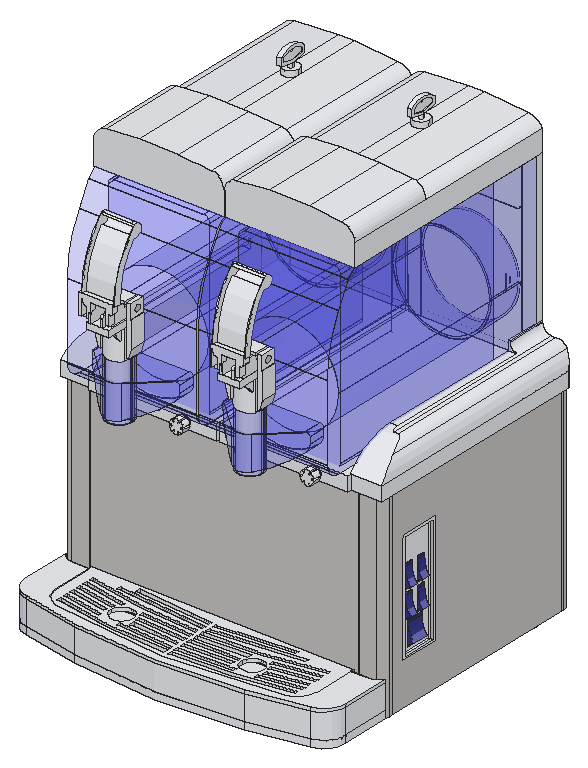
Revit family "QF_ELECTROLUXPROFESSIONAL_560100_SP2NewL", category Specialty Equipment, Revit 2018 (continued)
Lines and regions (mm)
  symbolic lines
    curve 12: line (2.783, -161.117, 14) -> (2.783, -167.117, 14)
    curve 13: line (2.783, -172.117, 14) -> (2.783, -178.117, 14)
    curve 14: line (2.783, -183.117, 14) -> (2.783, -189.117, 14)
    curve 15: line (2.783, -194.117, 14) -> (2.783, -200.117, 14)
    curve 16: line (2.783, -205.117, 14) -> (2.783, -211.117, 14)
    curve 17: arc (2.783, -211.117, 14) -> (35.925, -210.286, 14) -> (69, -208.033, 14) r 772.106
    curve 18: arc (164.485, -187.256, 14) -> (137.825, -192.623, 14) -> (110.991, -197.04, 14) r 766.106
    curve 19: arc (2.783, -200.117, 14) -> (35.926, -199.274, 14) -> (69, -196.988, 14) r 761.106
    curve 20: arc (69, -190.963, 14) -> (35.926, -193.267, 14) -> (2.783, -194.117, 14) r 755.106
    curve 21: arc (2.783, -189.117, 14) -> (35.228, -188.295, 14) -> (67.608, -186.069, 14) r 750.106
    curve 22: arc (62.063, -180.53, 14) -> (32.449, -182.414, 14) -> (2.783, -183.117, 14) r 744.106
    curve 23: arc (2.783, -178.117, 14) -> (30.123, -177.508, 14) -> (57.422, -175.888, 14) r 739.106
    curve 24: arc (51.822, -170.288, 14) -> (27.318, -171.613, 14) -> (2.783, -172.117, 14) r 733.106
    curve 25: arc (2.783, -167.117, 14) -> (24.968, -166.694, 14) -> (47.129, -165.595, 14) r 728.106
    curve 26: arc (41.464, -159.931, 14) -> (22.132, -160.783, 14) -> (2.783, -161.117, 14) r 722.106
    curve 27: arc (2.783, -156.117, 14) -> (19.755, -155.85, 14) -> (36.715, -155.182, 14) r 717.106
    curve 28: line (164.485, -193.398, 14) -> (164.485, -187.256, 14)
    curve 29: line (164.485, -182.136, 14) -> (164.485, -175.99, 14)
    curve 30: line (164.485, -170.866, 14) -> (164.485, -164.715, 14)
    curve 31: line (164.485, -159.587, 14) -> (164.485, -153.432, 14)
    curve 32: arc (164.485, -153.432, 14) -> (152.163, -156.157, 14) -> (139.797, -158.67, 14) r 733.106
    curve 33: arc (164.485, -164.715, 14) -> (145.534, -168.752, 14) -> (126.484, -172.294, 14) r 744.106
    curve 34: arc (164.485, -175.99, 14) -> (138.736, -181.268, 14) -> (112.82, -185.647, 14) r 755.106
    curve 35: arc (132.277, -166.189, 14) -> (148.418, -163.067, 14) -> (164.485, -159.587, 14) r 739.106
    curve 36: arc (118.814, -179.653, 14) -> (141.717, -175.613, 14) -> (164.485, -170.866, 14) r 750.106
    curve 37: arc (111, -191.985, 14) -> (137.83, -187.538, 14) -> (164.485, -182.136, 14) r 761.106
    curve 38: arc (69, -202.009, 14) -> (35.925, -204.28, 14) -> (2.783, -205.117, 14) r 766.106
    curve 39: arc (111.004, -203.101, 14) -> (137.83, -198.721, 14) -> (164.485, -193.398, 14) r 772.106
    curve 40: line (97.267, -160.486, 14) -> (97.267, -153, 14)
    curve 41: line (82.733, -160.486, 14) -> (82.733, -153, 14)
    curve 42: arc (105.17, -170.997, 14) -> (90.017, -158.677, 14) -> (74.837, -170.964, 14) r 15.5
    curve 43: line (-7, -121.793, 14) -> (9.534, -121.793, 14)
    curve 44: line (-7, -137.647, 14) -> (9.534, -137.647, 14)
    curve 45: line (2.783, -161.117, 14) -> (2.783, -113, 14)
    curve 46: line (-180.657, -118, 14) -> (-180.657, -174.118, 14)
    curve 47: arc (-180.657, -174.118, 14) -> (-173.912, -193.071, 14) -> (-156.71, -203.501, 14) r 30
    curve 48: line (-2.783, -161.117, 14) -> (-2.783, -167.117, 14)
    curve 49: line (-2.783, -172.117, 14) -> (-2.783, -178.117, 14)
    curve 50: line (-2.783, -183.117, 14) -> (-2.783, -189.117, 14)
    curve 51: line (-2.783, -194.117, 14) -> (-2.783, -200.117, 14)
    curve 52: line (-2.783, -205.117, 14) -> (-2.783, -211.117, 14)
    curve 53: arc (-2.783, -211.117, 14) -> (-35.925, -210.286, 14) -> (-69, -208.033, 14) r 772.106
    curve 54: arc (-164.485, -187.256, 14) -> (-137.825, -192.623, 14) -> (-110.991, -197.04, 14) r 766.106
    curve 55: arc (-2.783, -200.117, 14) -> (-35.926, -199.274, 14) -> (-69, -196.988, 14) r 761.106
    curve 56: arc (-69, -190.963, 14) -> (-35.926, -193.267, 14) -> (-2.783, -194.117, 14) r 755.106
    curve 57: arc (-2.783, -189.117, 14) -> (-35.307, -188.291, 14) -> (-67.764, -186.055, 14) r 750.106
    curve 58: arc (-62.01, -180.534, 14) -> (-32.422, -182.416, 14) -> (-2.783, -183.117, 14) r 744.106
    curve 59: arc (-2.783, -178.117, 14) -> (-30.21, -177.505, 14) -> (-57.595, -175.875, 14) r 739.106
    curve 60: arc (-51.822, -170.288, 14) -> (-27.318, -171.613, 14) -> (-2.783, -172.117, 14) r 733.106
    curve 61: arc (-2.783, -167.117, 14) -> (-24.922, -166.696, 14) -> (-47.037, -165.601, 14) r 728.106
    curve 62: arc (-41.44, -159.932, 14) -> (-22.12, -160.783, 14) -> (-2.783, -161.117, 14) r 722.106
    curve 63: arc (-2.783, -156.117, 14) -> (-19.759, -155.85, 14) -> (-36.723, -155.181, 14) r 717.106
    curve 64: line (-164.485, -193.398, 14) -> (-164.485, -187.256, 14)
    curve 65: line (-164.485, -182.136, 14) -> (-164.485, -175.99, 14)
    curve 66: line (-164.485, -170.866, 14) -> (-164.485, -164.715, 14)
    curve 67: line (-164.485, -159.587, 14) -> (-164.485, -153.432, 14)
    curve 68: arc (-164.485, -153.432, 14) -> (-152.209, -156.147, 14) -> (-139.888, -158.652, 14) r 733.106
    curve 69: arc (-164.485, -164.715, 14) -> (-145.359, -168.786, 14) -> (-126.134, -172.354, 14) r 744.106
    curve 70: arc (-164.485, -175.99, 14) -> (-138.838, -181.249, 14) -> (-113.024, -185.616, 14) r 755.106
    curve 71: arc (-132.258, -166.193, 14) -> (-148.408, -163.069, 14) -> (-164.485, -159.587, 14) r 739.106
    curve 72: arc (-118.936, -179.633, 14) -> (-141.778, -175.602, 14) -> (-164.485, -170.866, 14) r 750.106
    curve 73: arc (-111.098, -191.97, 14) -> (-137.879, -187.529, 14) -> (-164.485, -182.136, 14) r 761.106
    curve 74: arc (-69, -202.009, 14) -> (-35.925, -204.28, 14) -> (-2.783, -205.117, 14) r 766.106
    curve 75: arc (-111.004, -203.101, 14) -> (-137.83, -198.721, 14) -> (-164.485, -193.398, 14) r 772.106
    curve 76: line (-97.267, -160.486, 14) -> (-97.267, -153, 14)
    curve 77: line (-82.733, -160.486, 14) -> (-82.733, -153, 14)
    curve 78: arc (-105.172, -171.007, 14) -> (-90.045, -158.677, 14) -> (-74.846, -170.919, 14) r 15.5
    curve 79: line (-2.783, -161.117, 14) -> (-2.783, -113, 14)
    curve 80: arc (73.294, -216.009, 14) -> (0.004, -219.475, 14) -> (-73.287, -216.01, 14) r 776.665
    curve 81: arc (-111.031, -211.498, 14) -> (-133.93, -207.84, 14) -> (-156.71, -203.501, 14) r 776.665
Dimensions and locks
  plane 4 "FEET" to level = 14 mm
  plane 6 "LEFT" to plane 3 "Center (Left/Right)" to plane 7 "RIGHT" = 223.5 mm, 223.5 mm
  locked: plane 6 "LEFT" to plane 7 "RIGHT" at 447
  plane 7 "RIGHT" to plane 6 "LEFT" = 447 mm
  plane 5 "BACK" to plane 12 "FRONT" = 442 mm
  aligned and locked: level to plane 2 "BASE"
Nested families
  nested 1: "SP2_Vasca_L" at (-89.477, 0, 0), type "SP2_Vasca_L"
  nested 2: "SP2_Vasca_R" at (90.523, 0, 0), type "SP2_Vasca_R"
Connectors
  electrical at (-176.5, -31, 4)
    settings: on Extrusion 9, index 1, voltage 0 V, apparent load 0 VA, apparent load phase1 0 VA, apparent load phase2 0 VA, apparent load phase3 0 VA, power factor 1, load classification "Other", number of poles 1, system type 30, power factor state 1, is connector primary yes, connector utility no, sub classification motor no, connector description "Electrical connection"
  electrical at (-176.5, -31, 4)
    settings: on Extrusion 9, index 2, voltage 0 V, apparent load 0 VA, apparent load phase1 0 VA, apparent load phase2 0 VA, apparent load phase3 0 VA, power factor 1, load classification "Other", number of poles 1, system type 30, power factor state 1, is connector primary no, connector utility no, sub classification motor no, connector description ""
Definition of nested family "SP2_Vasca_L"
  Parameters (values of type "SP2_Vasca_L")
    Weight = 28.00 kg
    Watts = 32.5161 W
    Volts = 230 V
    URL Manufacturer = "http://professional.electrolux.com"
    URL = "http://professional.electrolux.com"
    Steam Supply Size = 0 mm
    Steam Supply Minimum Pressure = 0.0 Pa
    Steam Supply Maximum Pressure = 0.0 Pa
    Steam Pounds per Hour = 0
    Refrigeration Suction Line Size = 0 mm
    Refrigeration Liquid Line Size = 0 mm
    Refrigerant Compressor Remote = yes
    Phase = 1
    Model = "SP1ITNK"
    Manufacturer = "Electrolux"
    Length Actual = 262 mm  # constant formula
    Item Number = "560011"
    Hot Water Size = 0 mm
    Height Actual = 612 mm  # constant formula
    HP = "0.5 HP"
    Gas Size = 0 mm
    Gas KW = 0
    Gas Input Pressure = 0 W
    Description = "1X5 LT BOWL - FROZEN GRANITA AND FROZEN CREAM DISPENSER - 1 INSULATED BOWL - WHITE"
    Depth Actual = 427 mm  # constant formula
    Cycle = 50 Hz
    Condensate Return Size = 0 mm
    Compressed Air Volume = 0.0 L/s
    Compressed Air Size = 0 mm
    Compressed Air Pressure = 0.0 Pa
    Cold Water Size = 0 mm
    Accessory = yes
  Reference planes
    plane 1 "Center (Front/Back)": y = 0
    plane 2 "BASE": z = 0
    plane 3 "Center (Left/Right)": x = 0
    plane 4 "FEET": z = 14
    plane 5 "BACK": y = 212
    plane 6 "LEFT": x = -134.023
    plane 7 "RIGHT": x = 134
    plane 8: y = 169
    plane 9: y = -118.5
    plane 10 "Erogatore": through (0, -232.305, 334.252) normal (0, -0.5736, 0.8192)
    plane 11: y = -81
    plane 12 "BackButton": z = 362.798
    plane 13 "SlopeBack": through (0, 294.5, 470.764) normal (0, 0.9659, 0.2588)
    plane 14 "TOP": z = 640
    plane 15 "FRONT": y = -216
  Forms (mm)
    Extrusion 1, solid
      sketch origin (0, 212, 0) x (-1, 0, 0) y (0, 0, 1)
        loop
          circle (0, 394.542) r 65
        loop
          circle (0, 394.542) r 68
      from -59.276 to -10
    Extrusion 2, solid
      sketch origin (0.189, -212, -123.048) x (-1, 0, 0) y (0, 0, 1)
        loop
          line (41.631, 426.74) -> (42.799, 423.85)
          arc (42.799, 423.85) -> (41.998, 423.46) -> (41.26, 422.962) r 6.382
          line (41.26, 422.962) -> (39.342, 425.418)
          arc (39.342, 425.418) -> (36.964, 422.682) -> (35.784, 419.255) r 9.498
          line (35.784, 419.255) -> (38.87, 418.821)
          arc (38.87, 418.821) -> (38.808, 417.933) -> (38.87, 417.045) r 6.382
          line (38.87, 417.045) -> (35.784, 416.611)
          arc (35.784, 416.611) -> (36.964, 413.184) -> (39.342, 410.449) r 9.498
          line (39.342, 410.449) -> (41.26, 412.904)
          arc (41.26, 412.904) -> (41.998, 412.406) -> (42.799, 412.016) r 6.382
          line (42.799, 412.016) -> (41.631, 409.127)
          arc (41.631, 409.127) -> (45.189, 408.435) -> (48.747, 409.127) r 9.498
          line (48.747, 409.127) -> (47.58, 412.016)
          arc (47.58, 412.016) -> (48.38, 412.406) -> (49.118, 412.904) r 6.382
          line (49.118, 412.904) -> (51.037, 410.449)
          arc (51.037, 410.449) -> (53.415, 413.184) -> (54.595, 416.611) r 9.498
          line (54.595, 416.611) -> (51.509, 417.045)
          arc (51.509, 417.045) -> (51.571, 417.933) -> (51.509, 418.821) r 6.382
          line (51.509, 418.821) -> (54.595, 419.255)
          arc (54.595, 419.255) -> (53.415, 422.682) -> (51.037, 425.418) r 9.498
          line (51.037, 425.418) -> (49.118, 422.962)
          arc (49.118, 422.962) -> (48.38, 423.46) -> (47.58, 423.85) r 6.382
          line (47.58, 423.85) -> (48.747, 426.74)
          arc (48.747, 426.74) -> (45.189, 427.431) -> (41.631, 426.74) r 9.498
      from 74.796 to 85.6
    Extrusion 3, solid
      sketch origin (0, 48.357, 801) x (-1, 0, 0) y (0, -1, 0)
        loop
          circle (0, 226.958) r 15.5
      from -371.98 to -493
    Extrusion 4, solid
      sketch origin (0, 48.357, 801) x (-1, 0, 0) y (0, -1, 0)
        loop
          circle (0, 226.958) r 18
        loop
          circle (0, 226.958) r 16
      from -413.102 to -493
    Extrusion 5, solid
      sketch origin (0, 48.357, 801) x (-1, 0, 0) y (0, -1, 0)
        loop
          arc (-15.227, 216.452) -> (0, 208.458) -> (15.227, 216.452) r 18.5
          line (15.227, 216.452) -> (15.227, 237.464)
          arc (15.227, 237.464) -> (0, 245.458) -> (-15.227, 237.464) r 18.5
          line (-15.227, 237.464) -> (-15.227, 216.452)
      from -371.98 to -413.102
    Extrusion 6, solid
      sketch origin (0, 55.382, 805.556) x (-1, 0, 0) y (0, -1, 0)
        loop
          line (15.227, 271.382) -> (-15.227, 271.382) -> (-15.227, 213.658) -> (15.227, 213.658) -> (15.227, 271.382)
      from -368.017 to -376.536
    Extrusion 7, solid
      sketch origin (0, 53.382, -125.444) x (0, 1, 0) y (0, 0, 1)
        loop
          line (-261.382, 594.51) -> (-261.382, 596.294)
          arc (-261.382, 596.294) -> (-255.05, 633.384) -> (-236.771, 666.272) r 111.793
          arc (-236.771, 666.272) -> (-224.219, 671.737) -> (-234.339, 680.956) r 8.155
          arc (-234.339, 680.956) -> (-260.275, 642.108) -> (-269.382, 596.294) r 119.793
          line (-269.382, 596.294) -> (-269.382, 594.51) -> (-261.382, 594.51)
      from 23.02 to -23.02
    Extrusion 8, void
      sketch origin (0, -212, -130.102) x (-1, 0, 0) y (0, 0, 1)
        loop
          line (-23.02, 594.51) -> (-23.02, 567.641) -> (-15.227, 567.641) -> (-15.227, 586.659)
          arc (-15.227, 586.659) -> (-20.449, 589.269) -> (-23.02, 594.51) r 9.122
        loop
          arc (23.02, 594.51) -> (20.449, 589.269) -> (15.227, 586.659) r 9.122
          line (15.227, 586.659) -> (15.227, 567.641) -> (23.02, 567.641) -> (23.02, 594.51)
        loop
          line (-10.018, 592.641) -> (-10.018, 567.641) -> (9.982, 567.641) -> (9.982, 592.641) -> (-10.018, 592.641)
      from 4 to -4
    Extrusion 9, void
      sketch origin (0, 53.382, -125.444) x (0, 1, 0) y (0, 0, 1)
        loop
          arc (-238.506, 676.569) -> (-261.397, 639.298) -> (-269.382, 596.294) r 119.793
          line (-269.382, 596.294) -> (-262.382, 596.294)
          arc (-262.382, 596.294) -> (-255.831, 634.173) -> (-236.94, 667.653) r 112.793
          arc (-236.94, 667.653) -> (-225.218, 674.307) -> (-238.506, 676.569) r 7.155
      from 22 to -22
    Extrusion 10, solid
      sketch origin (-134.023, 53.382, -125.444) x (0, 1, 0) y (0, 0, 1)
        loop
          line (-261.382, 596.294) -> (-269.382, 596.294) -> (-269.382, 567.641) -> (-261.382, 567.641) -> (-261.382, 596.294)
      from 154.02 to 107.98
    Extrusion 11, solid
      sketch origin (-134.023, 55.382, -130.102) x (0, 1, 0) y (0, 0, 1)
        loop
          line (-263.382, 567.641) -> (-223.382, 567.641) -> (-223.382, 587.641) -> (-256.513, 587.641)
          arc (-256.513, 587.641) -> (-261.37, 589.653) -> (-263.382, 594.51) r 6.869
          line (-263.382, 594.51) -> (-263.382, 567.641)
      from 115.773 to 107.98
    Extrusion 12, solid
      sketch origin (-134.023, 55.382, -130.102) x (0, 1, 0) y (0, 0, 1)
        loop
          line (-263.382, 567.641) -> (-224.483, 567.641) -> (-224.483, 587.641) -> (-256.513, 587.641)
          arc (-256.513, 587.641) -> (-261.37, 589.653) -> (-263.382, 594.51) r 6.869
          line (-263.382, 594.51) -> (-263.382, 567.641)
      from 115.773 to 121.018
    Extrusion 13, solid
      sketch origin (-134.023, 55.382, -125.444) x (0, 1, 0) y (0, 0, 1)
        loop
          line (-248.575, 539.464) -> (-246.902, 539.464) -> (-246.902, 554.464) -> (-261.615, 554.464) -> (-248.575, 539.464)
      from 115.773 to 118.85
    Extrusion 14, solid
      sketch origin (-134.023, 55.382, -125.444) x (0, 1, 0) y (0, 0, 1)
        loop
          line (-246.902, 554.464) -> (-261.615, 554.464) -> (-248.575, 539.464) -> (-246.902, 539.464) -> (-246.902, 554.464)
      from 143.221 to 146.227
    Extrusion 15, solid
      sketch origin (-134.023, 55.382, -125.444) x (0, 1, 0) y (0, 0, 1)
        loop
          line (-263.382, 562.983) -> (-224.483, 562.983) -> (-224.483, 582.983) -> (-256.513, 582.983)
          arc (-256.513, 582.983) -> (-261.37, 584.995) -> (-263.382, 589.852) r 6.869
          line (-263.382, 589.852) -> (-263.382, 562.983)
      from 141.018 to 146.227
    Extrusion 16, solid
      sketch origin (-134.023, 53.382, -130.102) x (0, 1, 0) y (0, 0, 1)
        loop
          line (-269.382, 567.641) -> (-221.382, 567.641) -> (-221.382, 586.659) -> (-258.382, 586.659)
          arc (-258.382, 586.659) -> (-260.503, 585.78) -> (-261.382, 583.659) r 3
          line (-261.382, 583.659) -> (-261.382, 582.15) -> (-266.382, 582.15)
          arc (-266.382, 582.15) -> (-268.503, 581.271) -> (-269.382, 579.15) r 3
          line (-269.382, 579.15) -> (-269.382, 567.641)
      from 124.546 to 121.018
    Extrusion 17, solid
      sketch origin (-134.023, 65.803, -125.444) x (0, 1, 0) y (0, 0, 1)
        loop
          line (-281.803, 562.983) -> (-234.904, 562.983) -> (-234.904, 582.001) -> (-270.803, 582.001)
          arc (-270.803, 582.001) -> (-272.924, 581.122) -> (-273.803, 579.001) r 3
          line (-273.803, 579.001) -> (-273.803, 577.492) -> (-278.803, 577.492)
          arc (-278.803, 577.492) -> (-280.924, 576.613) -> (-281.803, 574.492) r 3
          line (-281.803, 574.492) -> (-281.803, 562.983)
      from 137.49 to 141.018
    Extrusion 18, solid
      sketch origin (0, -212, -125.444) x (-1, 0, 0) y (0, 0, 1)
        loop
          line (-18, 517.898) -> (-18, 586.659) -> (-23.482, 586.659) -> (-23.482, 567.641) -> (-24.969, 567.641) -> (-24.969, 530.88) -> (-21, 517.898) -> (-18, 517.898)
        loop
          line (18, 517.898) -> (21, 517.898) -> (24.969, 530.88) -> (24.969, 567.641) -> (23.482, 567.641) -> (23.482, 586.659) -> (18, 586.659) -> (18, 517.898)
      from 43.905 to 22.893
    Extrusion 19, solid
      sketch origin (0, 65.803, 805.556) x (-1, 0, 0) y (0, -1, 0)
        loop
          line (-15.227, 254.91) -> (-15.227, 233.898) -> (15.227, 233.898) -> (15.227, 254.91) -> (-15.227, 254.91)
      from -344.341 to -348.017
    Extrusion 20, void
      sketch origin (0, 56.778, -130) x (0, 1, 0) y (0, 0, 1)
        loop
          circle (-234.353, 582.005) r 3.978
      from 24.969 to -24.969
    Extrusion 21, solid
      sketch origin (0, 56.226, -130) x (0, 1, 0) y (0, 0, 1)
        loop
          circle (-234.353, 582.005) r 3.978
      from 24 to -24
    Extrusion 22, void
      sketch origin (-27, 240.916, -119) x (0, 0, 1) y (-1, 0, 0)
        loop
          line (496.312, -81.169) -> (519.521, -81.169)
          arc (519.521, -81.169) -> (523.021, -77.669) -> (519.521, -74.169) r 3.5
          line (519.521, -74.169) -> (496.312, -74.169)
          arc (496.312, -74.169) -> (492.812, -77.669) -> (496.312, -81.169) r 3.5
      from 28.916 to 38.079
    Extrusion 23, solid
      sketch origin (-27, 240.916, -119) x (0, 0, 1) y (-1, 0, 0)
        loop
          line (507.945, -79.669) -> (517.521, -79.669) -> (517.521, -75.669) -> (507.945, -75.669) -> (507.945, -79.669)
      from 32.664 to 38.079
    Extrusion 24, void
      sketch origin (0, 0, 0) x (0, 1, 0) y (0, 0, 1)
        loop
          line (157, 351) -> (-115.977, 351) -> (-115.977, 306)
          arc (-115.977, 306) -> (-85.566, 329.6) -> (-48, 338) r 88.201
          line (-48, 338) -> (157, 338) -> (157, 351)
      from -135 to 135
    Extrusion 25, solid
      sketch origin (0, 212, 0) x (-1, 0, 0) y (0, 0, 1)
        loop
          circle (0, 394.542) r 68
        loop
          line (69.972, 309) -> (69.972, 543)
          arc (69.972, 543) -> (67.629, 548.657) -> (61.972, 551) r 8
          line (61.972, 551) -> (-62.028, 551)
          arc (-62.028, 551) -> (-67.685, 548.657) -> (-70.028, 543) r 8
          line (-70.028, 543) -> (-70.028, 308.956)
          arc (-70.028, 308.956) -> (-67.698, 303.33) -> (-62.072, 301) r 7.956
          line (-62.072, 301) -> (61.972, 301)
          arc (61.972, 301) -> (67.629, 303.343) -> (69.972, 309) r 8
      from -59.276 to -322.829
    Extrusion 26, solid
      sketch origin (0, 212, 0) x (-1, 0, 0) y (0, 0, 1)
        loop
          line (90.028, 558.048) -> (90.028, 589.456)
          arc (90.028, 589.456) -> (84.981, 602.738) -> (72.387, 609.316) r 20
          arc (72.387, 609.316) -> (49.793, 611.577) -> (27.131, 613) r 613.713
          line (27.131, 613) -> (-27.131, 613)
          arc (-27.131, 613) -> (-49.793, 611.577) -> (-72.387, 609.316) r 613.713
          arc (-72.387, 609.316) -> (-84.981, 602.738) -> (-90.028, 589.456) r 20
          line (-90.028, 589.456) -> (-90.028, 558.048) -> (90.028, 558.048)
      from 0 to -322.829
    Extrusion 27, solid
      sketch origin (0, -212, 0) x (-1, 0, 0) y (0, 0, 1)
        loop
          line (88, 306) -> (-88, 306) -> (-88, 286) -> (88, 286) -> (88, 306)
      from 90.501 to 414
    Extrusion 28, solid
      sketch origin (-0.189, -212, -123.048) x (1, 0, 0) y (0, 0, -1)
        loop
          arc (41.631, -426.74) -> (45.189, -427.431) -> (48.747, -426.74) r 9.498
          line (48.747, -426.74) -> (47.58, -423.85)
          arc (47.58, -423.85) -> (48.38, -423.46) -> (49.118, -422.962) r 6.382
          line (49.118, -422.962) -> (51.037, -425.418)
          arc (51.037, -425.418) -> (53.415, -422.682) -> (54.595, -419.255) r 9.498
          line (54.595, -419.255) -> (51.509, -418.821)
          arc (51.509, -418.821) -> (51.571, -417.933) -> (51.509, -417.045) r 6.382
          line (51.509, -417.045) -> (54.595, -416.611)
          arc (54.595, -416.611) -> (53.415, -413.184) -> (51.037, -410.449) r 9.498
          line (51.037, -410.449) -> (49.118, -412.904)
          arc (49.118, -412.904) -> (48.38, -412.406) -> (47.58, -412.016) r 6.382
          line (47.58, -412.016) -> (48.747, -409.127)
          arc (48.747, -409.127) -> (45.189, -408.435) -> (41.631, -409.127) r 9.498
          line (41.631, -409.127) -> (42.799, -412.016)
          arc (42.799, -412.016) -> (41.998, -412.406) -> (41.26, -412.904) r 6.382
          line (41.26, -412.904) -> (39.342, -410.449)
          arc (39.342, -410.449) -> (36.964, -413.184) -> (35.784, -416.611) r 9.498
          line (35.784, -416.611) -> (38.87, -417.045)
          arc (38.87, -417.045) -> (38.808, -417.933) -> (38.87, -418.821) r 6.382
          line (38.87, -418.821) -> (35.784, -419.255)
          arc (35.784, -419.255) -> (36.964, -422.682) -> (39.342, -425.418) r 9.498
          line (39.342, -425.418) -> (41.26, -422.962)
          arc (41.26, -422.962) -> (41.998, -423.46) -> (42.799, -423.85) r 6.382
          line (42.799, -423.85) -> (41.631, -426.74)
      from 74.796 to 85.6
    Extrusion 29, solid
      sketch origin (-134.023, 55.382, -125.444) x (0, 1, 0) y (0, 0, 1)
        loop
          line (-261.615, 554.464) -> (-248.575, 539.464) -> (-246.902, 539.464) -> (-246.902, 554.464) -> (-261.615, 554.464)
      from 143.221 to 146.227
    Extrusion 30, void
      sketch origin (0, 0, 14) x (-1, 0, 0) y (0, -1, 0)
        loop
          line (68.799, 141.983) -> (68.799, 216) -> (-68.799, 216) -> (-68.799, 141.983) -> (-14.053, 193.527)
          arc (-14.053, 193.527) -> (0, 199.101) -> (14.053, 193.527) r 20.5
          line (14.053, 193.527) -> (68.799, 141.983)
      from 285.914 to 353.792
    Extrusion 31, solid
      sketch origin (0, -212, 0) x (-1, 0, 0) y (0, 0, 1)
        loop
          line (55, 361.368) -> (-55, 361.368)
          arc (-55, 361.368) -> (-58.536, 359.903) -> (-60, 356.368) r 5
          line (-60, 356.368) -> (-60, 346.588)
          arc (-60, 346.588) -> (-58.765, 340.628) -> (-55.264, 335.649) r 15
          arc (-55.264, 335.649) -> (0, 313.78) -> (55.264, 335.649) r 80.762
          arc (55.264, 335.649) -> (58.765, 340.628) -> (60, 346.588) r 15
          line (60, 346.588) -> (60, 356.368)
          arc (60, 356.368) -> (58.536, 359.903) -> (55, 361.368) r 5
      from 85.6 to 6.421
    Extrusion 32, solid
      sketch origin (0.031, 16.704, -263) x (0, 1, 0) y (0, 0, 1)
        loop
          line (99.092, 881.377) -> (118.655, 885.535) -> (118.655, 895.535)
          arc (118.655, 895.535) -> (99.092, 903) -> (79.529, 895.535) r 29.367
          line (79.529, 895.535) -> (79.529, 885.535) -> (99.092, 881.377)
        loop
          arc (115.655, 894.149) -> (99.092, 900) -> (82.529, 894.149) r 26.367
          line (82.529, 894.149) -> (82.529, 887.965) -> (99.092, 884.444) -> (115.655, 887.965) -> (115.655, 894.149)
      from -3 to 3
    Extrusion 33, solid
      sketch origin (0.031, 16.704, -263) x (0, 1, 0) y (0, 0, 1)
        loop
          line (115.655, 887.965) -> (115.655, 894.149)
          arc (115.655, 894.149) -> (99.092, 900) -> (82.529, 894.149) r 26.367
          line (82.529, 894.149) -> (82.529, 887.965) -> (99.092, 884.444) -> (115.655, 887.965)
        loop
          circle (99.092, 896.274) r 2.509
      from 1 to -1
    Extrusion 34, solid
      sketch origin (0.031, 16.704, 667) x (-1, 0, 0) y (0, -1, 0)
        loop
          circle (0, -99.092) r 3
      from -45.737 to -54
    Extrusion 35, solid
      sketch origin (0, -70, 0) x (1, 0, 0) y (0, 1, 0)
        loop
          circle (0.031, 185.796) r 11
      from 606 to 613
    Extrusion 36, solid
      sketch origin (0, 0, 0) x (0, 1, 0) y (0, 0, 1)
        loop
          arc (-158.276, 334.912) -> (-152.418, 320.769) -> (-138.276, 314.912) r 20
          line (-138.276, 314.912) -> (202, 314.912) -> (202, 558.048) -> (-103.948, 558.048)
          arc (-103.948, 558.048) -> (-114.098, 555.281) -> (-121.44, 547.744) r 20
          line (-121.44, 547.744) -> (-138.215, 517.481)
          arc (-138.215, 517.481) -> (-153.18, 479.972) -> (-158.276, 439.912) r 160
          line (-158.276, 439.912) -> (-158.276, 334.912)
      from -88 to 90.028
    Extrusion 37, void
      sketch origin (0, 212, 0) x (-1, 0, 0) y (0, 0, 1)
        loop
          line (90.028, 588.856) -> (96.254, 588.856) -> (96.254, 613.856) -> (-100.028, 613.856) -> (-100.028, 588.856) -> (-90.028, 588.856)
          arc (-90.028, 588.856) -> (-82.37, 597.635) -> (-71.481, 601.774) r 24
          arc (-71.481, 601.774) -> (-41.299, 604.942) -> (-10.969, 606) r 435.39
          line (-10.969, 606) -> (10.969, 606)
          arc (10.969, 606) -> (41.299, 604.942) -> (71.481, 601.774) r 435.39
          arc (71.481, 601.774) -> (82.37, 597.635) -> (90.028, 588.856) r 24
      from 0 to -201.493
    Extrusion 38, solid
      sketch origin (0, 212, 0) x (-1, 0, 0) y (0, 0, 1)
        loop
          line (-90.028, 558.048) -> (-90.028, 286) -> (88, 286) -> (88, 558.048) -> (-90.028, 558.048)
        loop
          arc (61.972, 301) -> (67.629, 303.343) -> (69.972, 309) r 8
          line (69.972, 309) -> (69.972, 543)
          arc (69.972, 543) -> (67.629, 548.657) -> (61.972, 551) r 8
          line (61.972, 551) -> (-62.028, 551)
          arc (-62.028, 551) -> (-67.685, 548.657) -> (-70.028, 543) r 8
          line (-70.028, 543) -> (-70.028, 308.956)
          arc (-70.028, 308.956) -> (-67.698, 303.33) -> (-62.072, 301) r 7.956
          line (-62.072, 301) -> (61.972, 301)
      from 0 to -10
    Extrusion 39, solid
      sketch origin (0, 212, 0) x (-1, 0, 0) y (0, 0, 1)
        loop
          arc (-70.028, 308.956) -> (-67.698, 303.33) -> (-62.072, 301) r 7.956
          line (-62.072, 301) -> (61.972, 301)
          arc (61.972, 301) -> (67.629, 303.343) -> (69.972, 309) r 8
          line (69.972, 309) -> (69.972, 493.849)
          arc (69.972, 493.849) -> (67.629, 488.193) -> (61.972, 485.849) r 8
          line (61.972, 485.849) -> (-62.028, 485.849)
          arc (-62.028, 485.849) -> (-67.685, 488.193) -> (-70.028, 493.849) r 8
          line (-70.028, 493.849) -> (-70.028, 308.956)
      from 0 to -10
    Extrusion 40, solid
      sketch origin (0, 212, 0) x (-1, 0, 0) y (0, 0, 1)
        loop
          line (-70.028, 543) -> (-70.028, 493.849)
          arc (-70.028, 493.849) -> (-67.685, 488.193) -> (-62.028, 485.849) r 8
          line (-62.028, 485.849) -> (61.972, 485.849)
          arc (61.972, 485.849) -> (67.629, 488.193) -> (69.972, 493.849) r 8
          line (69.972, 493.849) -> (69.972, 543)
          arc (69.972, 543) -> (67.629, 548.657) -> (61.972, 551) r 8
          line (61.972, 551) -> (-62.028, 551)
          arc (-62.028, 551) -> (-67.685, 548.657) -> (-70.028, 543) r 8
      from 0 to -10
    Extrusion 41, void
      sketch origin (0, 212, 0) x (-1, 0, 0) y (0, 0, 1)
        loop
          arc (-74.482, 439.575) -> (-77.31, 438.403) -> (-78.482, 435.575) r 4
          line (-78.482, 435.575) -> (-78.482, 426.169)
          arc (-78.482, 426.169) -> (-77.31, 423.34) -> (-74.482, 422.169) r 4
          line (-74.482, 422.169) -> (-42.482, 422.169)
          arc (-42.482, 422.169) -> (-39.653, 423.34) -> (-38.482, 426.169) r 4
          line (-38.482, 426.169) -> (-38.482, 435.575)
          arc (-38.482, 435.575) -> (-39.653, 438.403) -> (-42.482, 439.575) r 4
          line (-42.482, 439.575) -> (-74.482, 439.575)
      from 0 to -2
    Extrusion 42, solid
      sketch origin (0, 212, 0) x (-1, 0, 0) y (0, 0, 1)
        loop
          arc (-74.482, 438.575) -> (-76.603, 437.696) -> (-77.482, 435.575) r 3
          line (-77.482, 435.575) -> (-77.482, 426.169)
          arc (-77.482, 426.169) -> (-76.603, 424.047) -> (-74.482, 423.169) r 3
          line (-74.482, 423.169) -> (-42.482, 423.169)
          arc (-42.482, 423.169) -> (-40.36, 424.047) -> (-39.482, 426.169) r 3
          line (-39.482, 426.169) -> (-39.482, 435.575)
          arc (-39.482, 435.575) -> (-40.36, 437.696) -> (-42.482, 438.575) r 3
          line (-42.482, 438.575) -> (-74.482, 438.575)
      from 0 to -2
    Extrusion 43, void
      sketch origin (0, 212, 0) x (-1, 0, 0) y (0, 0, 1)
        loop
          line (88, 350.533) -> (86, 350.533) -> (86, 286) -> (88, 286) -> (88, 350.533)
      from 0 to -10
    Extrusion 44, solid
      sketch origin (0.189, -212, -123.048) x (-1, 0, 0) y (0, 0, 1)
        loop
          circle (45.189, 417.933) r 6.382
      from 90.501 to 85.6
    Extrusion 45, solid
      sketch origin (-0.189, -212, -123.048) x (1, 0, 0) y (0, 0, -1)
        loop
          circle (45.189, -417.933) r 6.382
      from 85.6 to 90.501
    Extrusion 46, solid
      sketch origin (0, 212, 0) x (1, 0, 0) y (0, 0, -1)
        loop
          line (-88, -286) -> (-131, -286) -> (-131, -306)
          arc (-131, -306) -> (-129.118, -317.88) -> (-123.658, -328.597) r 38.445
          arc (-123.658, -328.597) -> (-117.695, -334.961) -> (-109.296, -337.309) r 16.194
          line (-109.296, -337.309) -> (-102.317, -337.309)
          arc (-102.317, -337.309) -> (-93.627, -340.909) -> (-90.028, -349.598) r 12.289
          line (-90.028, -349.598) -> (-90.028, -351) -> (-88, -351) -> (-88, -286)
      from 0 to -327.977
    Extrusion 47, void
      sketch origin (89.477, 0, 0) x (-1, 0, 0) y (0, -1, 0)
        loop
          line (210.523, -212) -> (223.5, -212) -> (223.5, -199.023)
          arc (223.5, -199.023) -> (219.699, -208.199) -> (210.523, -212) r 12.977
      from 338 to 286
  Cuts and joins
    Extrusion 8 cuts Extrusion 6
    Extrusion 8, Extrusion 9 cuts Extrusion 7
    Extrusion 8 cuts Extrusion 10
    joined: Extrusion 7, Extrusion 10, Extrusion 11
    joined: Extrusion 5, Extrusion 14
    Extrusion 20 cuts Extrusion 12
    Extrusion 20 cuts Extrusion 15
    Extrusion 20 cuts Extrusion 16
    Extrusion 20 cuts Extrusion 17
    Extrusion 20 cuts Extrusion 18
    Extrusion 22 cuts Extrusion 25
    Extrusion 30 cuts Extrusion 31
    Extrusion 22, Extrusion 41, Extrusion 43 cuts Extrusion 38
    Extrusion 22, Extrusion 41 cuts Extrusion 39
    Extrusion 37 cuts Extrusion 26
    Extrusion 24, Extrusion 47 cuts Extrusion 46
  Lines and regions (mm)
    symbolic lines
      curve 1: line (89.477, 212, 14) -> (89.477, 30.512, 14)
      curve 2: arc (89.477, 30.512, 14) -> (83.619, 16.37, 14) -> (69.477, 10.512, 14) r 20
      curve 3: arc (-90.523, 30.512, 14) -> (-84.665, 16.37, 14) -> (-70.523, 10.512, 14) r 20
      curve 4: line (-90.523, 30.512, 14) -> (-90.523, -113, 14)
      curve 5: line (2.977, 135.359, 14) -> (-3.023, 135.359, 14)
      curve 6: line (2.977, 96.233, 14) -> (2.977, 135.359, 14)
      curve 7: line (-3.023, 96.233, 14) -> (2.977, 96.233, 14)
      curve 8: line (-3.023, 135.359, 14) -> (-3.023, 96.233, 14)
      curve 9: arc (2.977, 105.213, 14) -> (10.977, 115.796, 14) -> (2.977, 126.379, 14) r 11
      curve 10: arc (-3.023, 126.379, 14) -> (-11.023, 115.796, 14) -> (-3.023, 105.213, 14) r 11
      curve 11: arc (89.477, -93, 14) -> (82.183, -87.573, 14) -> (73.338, -85.474, 14) r 22.513
      curve 12: arc (-90.523, -93, 14) -> (-83.229, -87.573, 14) -> (-74.384, -85.474, 14) r 22.513
      curve 13: arc (73.338, -85.474, 14) -> (-0.523, -83, 14) -> (-74.384, -85.474, 14) r 1103.745
      curve 14: line (-0.523, -113, 14) -> (-0.523, -171, 14)
      curve 15: line (82.477, -113, 14) -> (82.477, -153, 14)
      curve 16: line (-80.989, -113, 14) -> (-80.989, -153, 14)
      curve 17: line (-80.989, -153, 14) -> (82.477, -153, 14)
      curve 18: line (-50.989, -153, 14) -> (-21.523, -182.466, 14)
      curve 19: line (20.477, -216, 14) -> (-21.523, -216, 14)
      curve 20: line (-21.523, -216, 14) -> (-21.523, -171, 14)
      curve 21: line (-21.523, -171, 14) -> (20.477, -171, 14)
      curve 22: line (-16.523, -216, 14) -> (-16.523, -181, 14)
      curve 23: line (-16.523, -181, 14) -> (14.477, -181, 14)
      curve 24: line (14.477, -196, 14) -> (-16.523, -196, 14)
      curve 25: line (-55.989, -153, 14) -> (-21.523, -187.466, 14)
      curve 26: line (49.943, -153, 14) -> (20.477, -182.466, 14)
      curve 27: line (54.943, -153, 14) -> (20.477, -187.466, 14)
      curve 28: line (20.477, -216, 14) -> (20.477, -171, 14)
      curve 29: line (14.477, -216, 14) -> (14.477, -181, 14)
      curve 30: line (-121.046, 212, 14) -> (89.477, 212, 14)
      curve 31: line (-90.523, 212, 14) -> (-90.523, 30.512, 14)
      curve 32: line (-90.523, -113, 14) -> (89.477, -113, 14)
      curve 33: line (89.477, -113, 14) -> (89.477, 30.512, 14)
      curve 34: line (-70.523, 10.512, 0) -> (69.477, 10.512, 0)
      curve 35: arc (-114.023, -118, 14) -> (-128.165, -112.142, 14) -> (-134.023, -98, 14) r 20
      curve 36: line (-112.023, 212, 14) -> (-112.023, -50, 14)
      curve 37: line (-112.023, -50, 14) -> (-129.023, -50, 14)
      curve 38: line (-129.023, -50, 14) -> (-129.023, 209.259, 14)
      curve 39: arc (-121.046, 212, 14) -> (-130.222, 208.199, 14) -> (-134.023, 199.023, 14) r 12.977
      curve 40: line (-112.023, -50, 14) -> (-112.023, -67.775, 14)
      curve 41: arc (-112.023, -67.775, 14) -> (-113.99, -92.763, 14) -> (-119.841, -117.135, 14) r 159.732
      curve 42: line (-129.023, -50, 14) -> (-134.023, -85.577, 14)
      curve 43: line (-90.523, 157, 14) -> (-105.523, 157, 14)
      curve 44: line (-105.523, 157, 14) -> (-105.523, -88, 14)
      curve 45: arc (-105.523, -88, 14) -> (-104.059, -99.123, 14) -> (-99.765, -109.488, 14) r 42.977
      curve 46: line (-99.765, -109.488, 14) -> (-90.523, -109.488, 14)
      curve 47: line (-134.023, 199.023, 14) -> (-134.023, -98, 14)
      curve 48: line (-80.989, -118, 14) -> (-114.023, -118, 14)
  Dimensions and locks
    plane 4 "FEET" to level = 14 mm
    plane 6 "LEFT" to plane 3 "Center (Left/Right)" to plane 7 "RIGHT" = 134.023 mm, 134 mm
    plane 5 "BACK" to plane 1 "Center (Front/Back)" = 212 mm
    plane 6 "LEFT" to plane 7 "RIGHT" = 268.023 mm
    plane 5 "BACK" to plane 8 = 43 mm
    plane 8 to plane 11 = 250 mm
    plane 14 "TOP" to level = 640 mm
    plane 15 "FRONT" to plane 5 "BACK" = 428 mm
    plane 5 "BACK" to plane 15 "FRONT" = 428 mm
    Extrusion 35 to level = 613 mm
    Extrusion 35 to level = 606 mm
    aligned and locked: level to plane 2 "BASE"
Definition of nested family "SP2_Vasca_R"
  Parameters (values of type "SP2_Vasca_R")
    Weight = 28.00 kg
    Watts = 32.5161 W
    Volts = 230 V
    URL Manufacturer = "http://professional.electrolux.com"
    URL = "http://professional.electrolux.com"
    Steam Supply Size = 0 mm
    Steam Supply Minimum Pressure = 0.0 Pa
    Steam Supply Maximum Pressure = 0.0 Pa
    Steam Pounds per Hour = 0
    Refrigeration Suction Line Size = 0 mm
    Refrigeration Liquid Line Size = 0 mm
    Refrigerant Compressor Remote = yes
    Phase = 1
    Model = "SP1ITNK"
    Manufacturer = "Electrolux"
    Length Actual = 262 mm  # constant formula
    Item Number = "560011"
    Hot Water Size = 0 mm
    Height Actual = 612 mm  # constant formula
    HP = "0.5 HP"
    Gas Size = 0 mm
    Gas KW = 0
    Gas Input Pressure = 0 W
    Description = "1X5 LT BOWL - FROZEN GRANITA AND FROZEN CREAM DISPENSER - 1 INSULATED BOWL - WHITE"
    Depth Actual = 427 mm  # constant formula
    Cycle = 50 Hz
    Condensate Return Size = 0 mm
    Compressed Air Volume = 0.0 L/s
    Compressed Air Size = 0 mm
    Compressed Air Pressure = 0.0 Pa
    Cold Water Size = 0 mm
    Accessory = yes
  Reference planes
    plane 1 "Center (Front/Back)": y = 0
    plane 2 "BASE": z = 0
    plane 3 "Center (Left/Right)": x = 0
    plane 4 "FEET": z = 14
    plane 5 "BACK": y = 212
    plane 6 "LEFT": x = -133
    plane 7 "RIGHT": x = 133
    plane 8: y = 169
    plane 9: y = -118.5
    plane 10 "Erogatore": through (0, -232.305, 334.252) normal (0, -0.5736, 0.8192)
    plane 11: y = -81
    plane 12 "BackButton": z = 362.798
    plane 13 "SlopeBack": through (0, 294.5, 470.764) normal (0, 0.9659, 0.2588)
    plane 14 "TOP": z = 640
    plane 15 "FRONT": y = -216
  Forms (mm)
    Extrusion 1, solid
      sketch origin (0, 212, 0) x (-1, 0, 0) y (0, 0, 1)
        loop
          circle (0, 394.542) r 65
        loop
          circle (0, 394.542) r 68
      from -59.276 to -10
    Extrusion 2, solid
      sketch origin (0.189, -212, -123.048) x (-1, 0, 0) y (0, 0, 1)
        loop
          line (41.631, 426.74) -> (42.799, 423.85)
          arc (42.799, 423.85) -> (41.998, 423.46) -> (41.26, 422.962) r 6.382
          line (41.26, 422.962) -> (39.342, 425.418)
          arc (39.342, 425.418) -> (36.964, 422.682) -> (35.784, 419.255) r 9.498
          line (35.784, 419.255) -> (38.87, 418.821)
          arc (38.87, 418.821) -> (38.808, 417.933) -> (38.87, 417.045) r 6.382
          line (38.87, 417.045) -> (35.784, 416.611)
          arc (35.784, 416.611) -> (36.964, 413.184) -> (39.342, 410.449) r 9.498
          line (39.342, 410.449) -> (41.26, 412.904)
          arc (41.26, 412.904) -> (41.998, 412.406) -> (42.799, 412.016) r 6.382
          line (42.799, 412.016) -> (41.631, 409.127)
          arc (41.631, 409.127) -> (45.189, 408.435) -> (48.747, 409.127) r 9.498
          line (48.747, 409.127) -> (47.58, 412.016)
          arc (47.58, 412.016) -> (48.38, 412.406) -> (49.118, 412.904) r 6.382
          line (49.118, 412.904) -> (51.037, 410.449)
          arc (51.037, 410.449) -> (53.415, 413.184) -> (54.595, 416.611) r 9.498
          line (54.595, 416.611) -> (51.509, 417.045)
          arc (51.509, 417.045) -> (51.571, 417.933) -> (51.509, 418.821) r 6.382
          line (51.509, 418.821) -> (54.595, 419.255)
          arc (54.595, 419.255) -> (53.415, 422.682) -> (51.037, 425.418) r 9.498
          line (51.037, 425.418) -> (49.118, 422.962)
          arc (49.118, 422.962) -> (48.38, 423.46) -> (47.58, 423.85) r 6.382
          line (47.58, 423.85) -> (48.747, 426.74)
          arc (48.747, 426.74) -> (45.189, 427.431) -> (41.631, 426.74) r 9.498
      from 74.796 to 85.6
    Extrusion 3, solid
      sketch origin (0, 48.357, 801) x (-1, 0, 0) y (0, -1, 0)
        loop
          circle (0, 226.958) r 15.5
      from -371.98 to -493
    Extrusion 4, solid
      sketch origin (0, 48.357, 801) x (-1, 0, 0) y (0, -1, 0)
        loop
          circle (0, 226.958) r 18
        loop
          circle (0, 226.958) r 16
      from -413.102 to -493
    Extrusion 5, solid
      sketch origin (0, 48.357, 801) x (-1, 0, 0) y (0, -1, 0)
        loop
          arc (-15.227, 216.452) -> (0, 208.458) -> (15.227, 216.452) r 18.5
          line (15.227, 216.452) -> (15.227, 237.464)
          arc (15.227, 237.464) -> (0, 245.458) -> (-15.227, 237.464) r 18.5
          line (-15.227, 237.464) -> (-15.227, 216.452)
      from -371.98 to -413.102
    Extrusion 6, solid
      sketch origin (0, 55.382, 805.556) x (-1, 0, 0) y (0, -1, 0)
        loop
          line (15.227, 271.382) -> (-15.227, 271.382) -> (-15.227, 213.658) -> (15.227, 213.658) -> (15.227, 271.382)
      from -368.017 to -376.536
    Extrusion 7, solid
      sketch origin (0, 53.382, -125.444) x (0, 1, 0) y (0, 0, 1)
        loop
          line (-261.382, 594.51) -> (-261.382, 596.294)
          arc (-261.382, 596.294) -> (-255.05, 633.384) -> (-236.771, 666.272) r 111.793
          arc (-236.771, 666.272) -> (-224.219, 671.737) -> (-234.339, 680.956) r 8.155
          arc (-234.339, 680.956) -> (-260.275, 642.108) -> (-269.382, 596.294) r 119.793
          line (-269.382, 596.294) -> (-269.382, 594.51) -> (-261.382, 594.51)
      from 23.02 to -23.02
    Extrusion 8, void
      sketch origin (0, -212, -130.102) x (-1, 0, 0) y (0, 0, 1)
        loop
          line (-23.02, 594.51) -> (-23.02, 567.641) -> (-15.227, 567.641) -> (-15.227, 586.659)
          arc (-15.227, 586.659) -> (-20.449, 589.269) -> (-23.02, 594.51) r 9.122
        loop
          arc (23.02, 594.51) -> (20.449, 589.269) -> (15.227, 586.659) r 9.122
          line (15.227, 586.659) -> (15.227, 567.641) -> (23.02, 567.641) -> (23.02, 594.51)
        loop
          line (-10.018, 592.641) -> (-10.018, 567.641) -> (9.982, 567.641) -> (9.982, 592.641) -> (-10.018, 592.641)
      from 4 to -4
    Extrusion 9, void
      sketch origin (0, 53.382, -125.444) x (0, 1, 0) y (0, 0, 1)
        loop
          arc (-238.506, 676.569) -> (-261.397, 639.298) -> (-269.382, 596.294) r 119.793
          line (-269.382, 596.294) -> (-262.382, 596.294)
          arc (-262.382, 596.294) -> (-255.831, 634.173) -> (-236.94, 667.653) r 112.793
          arc (-236.94, 667.653) -> (-225.218, 674.307) -> (-238.506, 676.569) r 7.155
      from 22 to -22
    Extrusion 10, solid
      sketch origin (-133, 53.382, -125.444) x (0, 1, 0) y (0, 0, 1)
        loop
          line (-261.382, 596.294) -> (-269.382, 596.294) -> (-269.382, 567.641) -> (-261.382, 567.641) -> (-261.382, 596.294)
      from 154.02 to 107.98
    Extrusion 11, solid
      sketch origin (-133, 55.382, -130.102) x (0, 1, 0) y (0, 0, 1)
        loop
          line (-263.382, 567.641) -> (-223.382, 567.641) -> (-223.382, 587.641) -> (-256.513, 587.641)
          arc (-256.513, 587.641) -> (-261.37, 589.653) -> (-263.382, 594.51) r 6.869
          line (-263.382, 594.51) -> (-263.382, 567.641)
      from 115.773 to 107.98
    Extrusion 12, solid
      sketch origin (-133, 55.382, -130.102) x (0, 1, 0) y (0, 0, 1)
        loop
          line (-263.382, 567.641) -> (-224.483, 567.641) -> (-224.483, 587.641) -> (-256.513, 587.641)
          arc (-256.513, 587.641) -> (-261.37, 589.653) -> (-263.382, 594.51) r 6.869
          line (-263.382, 594.51) -> (-263.382, 567.641)
      from 115.773 to 121.018
    Extrusion 13, solid
      sketch origin (-133, 55.382, -125.444) x (0, 1, 0) y (0, 0, 1)
        loop
          line (-248.575, 539.464) -> (-246.902, 539.464) -> (-246.902, 554.464) -> (-261.615, 554.464) -> (-248.575, 539.464)
      from 115.773 to 118.85
    Extrusion 14, solid
      sketch origin (-133, 55.382, -125.444) x (0, 1, 0) y (0, 0, 1)
        loop
          line (-246.902, 554.464) -> (-261.615, 554.464) -> (-248.575, 539.464) -> (-246.902, 539.464) -> (-246.902, 554.464)
      from 143.221 to 146.227
    Extrusion 15, solid
      sketch origin (-133, 55.382, -125.444) x (0, 1, 0) y (0, 0, 1)
        loop
          line (-263.382, 562.983) -> (-224.483, 562.983) -> (-224.483, 582.983) -> (-256.513, 582.983)
          arc (-256.513, 582.983) -> (-261.37, 584.995) -> (-263.382, 589.852) r 6.869
          line (-263.382, 589.852) -> (-263.382, 562.983)
      from 141.018 to 146.227
    Extrusion 16, solid
      sketch origin (-133, 53.382, -130.102) x (0, 1, 0) y (0, 0, 1)
        loop
          line (-269.382, 567.641) -> (-221.382, 567.641) -> (-221.382, 586.659) -> (-258.382, 586.659)
          arc (-258.382, 586.659) -> (-260.503, 585.78) -> (-261.382, 583.659) r 3
          line (-261.382, 583.659) -> (-261.382, 582.15) -> (-266.382, 582.15)
          arc (-266.382, 582.15) -> (-268.503, 581.271) -> (-269.382, 579.15) r 3
          line (-269.382, 579.15) -> (-269.382, 567.641)
      from 124.546 to 121.018
    Extrusion 17, solid
      sketch origin (-133, 65.803, -125.444) x (0, 1, 0) y (0, 0, 1)
        loop
          line (-281.803, 562.983) -> (-234.904, 562.983) -> (-234.904, 582.001) -> (-270.803, 582.001)
          arc (-270.803, 582.001) -> (-272.924, 581.122) -> (-273.803, 579.001) r 3
          line (-273.803, 579.001) -> (-273.803, 577.492) -> (-278.803, 577.492)
          arc (-278.803, 577.492) -> (-280.924, 576.613) -> (-281.803, 574.492) r 3
          line (-281.803, 574.492) -> (-281.803, 562.983)
      from 137.49 to 141.018
    Extrusion 18, solid
      sketch origin (0, -212, -125.444) x (-1, 0, 0) y (0, 0, 1)
        loop
          line (-18, 517.898) -> (-18, 586.659) -> (-23.482, 586.659) -> (-23.482, 567.641) -> (-24.969, 567.641) -> (-24.969, 530.88) -> (-21, 517.898) -> (-18, 517.898)
        loop
          line (18, 517.898) -> (21, 517.898) -> (24.969, 530.88) -> (24.969, 567.641) -> (23.482, 567.641) -> (23.482, 586.659) -> (18, 586.659) -> (18, 517.898)
      from 43.905 to 22.893
    Extrusion 19, solid
      sketch origin (0, 65.803, 805.556) x (-1, 0, 0) y (0, -1, 0)
        loop
          line (-15.227, 254.91) -> (-15.227, 233.898) -> (15.227, 233.898) -> (15.227, 254.91) -> (-15.227, 254.91)
      from -344.341 to -348.017
    Extrusion 20, void
      sketch origin (0, 56.778, -130) x (0, 1, 0) y (0, 0, 1)
        loop
          circle (-234.353, 582.005) r 3.978
      from 24.969 to -24.969
    Extrusion 21, solid
      sketch origin (0, 56.226, -130) x (0, 1, 0) y (0, 0, 1)
        loop
          circle (-234.353, 582.005) r 3.978
      from 24 to -24
    Extrusion 22, void
      sketch origin (-27, 240.916, -119) x (0, 0, 1) y (-1, 0, 0)
        loop
          line (496.312, -81.169) -> (519.521, -81.169)
          arc (519.521, -81.169) -> (523.021, -77.669) -> (519.521, -74.169) r 3.5
          line (519.521, -74.169) -> (496.312, -74.169)
          arc (496.312, -74.169) -> (492.812, -77.669) -> (496.312, -81.169) r 3.5
      from 28.916 to 38.079
    Extrusion 23, solid
      sketch origin (-27, 240.916, -119) x (0, 0, 1) y (-1, 0, 0)
        loop
          line (507.945, -79.669) -> (517.521, -79.669) -> (517.521, -75.669) -> (507.945, -75.669) -> (507.945, -79.669)
      from 32.664 to 38.079
    Extrusion 24, solid
      sketch origin (0, 212, 0) x (-1, 0, 0) y (0, 0, 1)
        loop
          line (-88, 286) -> (-88, 351) -> (-90.028, 351) -> (-90.028, 349.598)
          arc (-90.028, 349.598) -> (-93.627, 340.909) -> (-102.317, 337.309) r 12.289
          line (-102.317, 337.309) -> (-109.296, 337.309)
          arc (-109.296, 337.309) -> (-117.695, 334.961) -> (-123.658, 328.597) r 16.194
          arc (-123.658, 328.597) -> (-129.118, 317.88) -> (-131, 306) r 38.445
          line (-131, 306) -> (-131, 286) -> (-88, 286)
      from 0 to -327.977
    Extrusion 25, void
      sketch origin (0, 0, 0) x (0, 1, 0) y (0, 0, 1)
        loop
          line (157, 351) -> (-115.977, 351) -> (-115.977, 306)
          arc (-115.977, 306) -> (-85.566, 329.6) -> (-48, 338) r 88.201
          line (-48, 338) -> (157, 338) -> (157, 351)
      from -135 to 135
    Extrusion 26, solid
      sketch origin (0, 212, 0) x (-1, 0, 0) y (0, 0, 1)
        loop
          circle (0, 394.542) r 68
        loop
          line (69.972, 309) -> (69.972, 543)
          arc (69.972, 543) -> (67.629, 548.657) -> (61.972, 551) r 8
          line (61.972, 551) -> (-62.028, 551)
          arc (-62.028, 551) -> (-67.685, 548.657) -> (-70.028, 543) r 8
          line (-70.028, 543) -> (-70.028, 308.956)
          arc (-70.028, 308.956) -> (-67.698, 303.33) -> (-62.072, 301) r 7.956
          line (-62.072, 301) -> (61.972, 301)
          arc (61.972, 301) -> (67.629, 303.343) -> (69.972, 309) r 8
      from -59.276 to -322.829
    Extrusion 27, solid
      sketch origin (0, 212, 0) x (-1, 0, 0) y (0, 0, 1)
        loop
          line (90.028, 558.048) -> (90.028, 589.456)
          arc (90.028, 589.456) -> (84.981, 602.738) -> (72.387, 609.316) r 20
          arc (72.387, 609.316) -> (49.793, 611.577) -> (27.131, 613) r 613.713
          line (27.131, 613) -> (-27.131, 613)
          arc (-27.131, 613) -> (-49.793, 611.577) -> (-72.387, 609.316) r 613.713
          arc (-72.387, 609.316) -> (-84.981, 602.738) -> (-90.028, 589.456) r 20
          line (-90.028, 589.456) -> (-90.028, 558.048) -> (90.028, 558.048)
      from 0 to -322.829
    Extrusion 28, solid
      sketch origin (0, -212, 0) x (-1, 0, 0) y (0, 0, 1)
        loop
          line (88, 306) -> (-88, 306) -> (-88, 286) -> (88, 286) -> (88, 306)
      from 90.501 to 414
    Extrusion 29, solid
      sketch origin (-0.189, -212, -123.048) x (1, 0, 0) y (0, 0, -1)
        loop
          arc (41.631, -426.74) -> (45.189, -427.431) -> (48.747, -426.74) r 9.498
          line (48.747, -426.74) -> (47.58, -423.85)
          arc (47.58, -423.85) -> (48.38, -423.46) -> (49.118, -422.962) r 6.382
          line (49.118, -422.962) -> (51.037, -425.418)
          arc (51.037, -425.418) -> (53.415, -422.682) -> (54.595, -419.255) r 9.498
          line (54.595, -419.255) -> (51.509, -418.821)
          arc (51.509, -418.821) -> (51.571, -417.933) -> (51.509, -417.045) r 6.382
          line (51.509, -417.045) -> (54.595, -416.611)
          arc (54.595, -416.611) -> (53.415, -413.184) -> (51.037, -410.449) r 9.498
          line (51.037, -410.449) -> (49.118, -412.904)
          arc (49.118, -412.904) -> (48.38, -412.406) -> (47.58, -412.016) r 6.382
          line (47.58, -412.016) -> (48.747, -409.127)
          arc (48.747, -409.127) -> (45.189, -408.435) -> (41.631, -409.127) r 9.498
          line (41.631, -409.127) -> (42.799, -412.016)
          arc (42.799, -412.016) -> (41.998, -412.406) -> (41.26, -412.904) r 6.382
          line (41.26, -412.904) -> (39.342, -410.449)
          arc (39.342, -410.449) -> (36.964, -413.184) -> (35.784, -416.611) r 9.498
          line (35.784, -416.611) -> (38.87, -417.045)
          arc (38.87, -417.045) -> (38.808, -417.933) -> (38.87, -418.821) r 6.382
          line (38.87, -418.821) -> (35.784, -419.255)
          arc (35.784, -419.255) -> (36.964, -422.682) -> (39.342, -425.418) r 9.498
          line (39.342, -425.418) -> (41.26, -422.962)
          arc (41.26, -422.962) -> (41.998, -423.46) -> (42.799, -423.85) r 6.382
          line (42.799, -423.85) -> (41.631, -426.74)
      from 74.796 to 85.6
    Extrusion 30, solid
      sketch origin (-133, 55.382, -125.444) x (0, 1, 0) y (0, 0, 1)
        loop
          line (-261.615, 554.464) -> (-248.575, 539.464) -> (-246.902, 539.464) -> (-246.902, 554.464) -> (-261.615, 554.464)
      from 143.221 to 146.227
    Extrusion 31, void
      sketch origin (0, 0, 14) x (-1, 0, 0) y (0, -1, 0)
        loop
          line (68.799, 141.983) -> (68.799, 216) -> (-68.799, 216) -> (-68.799, 141.983) -> (-14.053, 193.527)
          arc (-14.053, 193.527) -> (0, 199.101) -> (14.053, 193.527) r 20.5
          line (14.053, 193.527) -> (68.799, 141.983)
      from 285.914 to 353.792
    Extrusion 32, solid
      sketch origin (0, -212, 0) x (-1, 0, 0) y (0, 0, 1)
        loop
          line (55, 361.368) -> (-55, 361.368)
          arc (-55, 361.368) -> (-58.536, 359.903) -> (-60, 356.368) r 5
          line (-60, 356.368) -> (-60, 346.588)
          arc (-60, 346.588) -> (-58.765, 340.628) -> (-55.264, 335.649) r 15
          arc (-55.264, 335.649) -> (0, 313.78) -> (55.264, 335.649) r 80.762
          arc (55.264, 335.649) -> (58.765, 340.628) -> (60, 346.588) r 15
          line (60, 346.588) -> (60, 356.368)
          arc (60, 356.368) -> (58.536, 359.903) -> (55, 361.368) r 5
      from 85.6 to 6.421
    Extrusion 33, solid
      sketch origin (0.031, 16.704, -263) x (0, 1, 0) y (0, 0, 1)
        loop
          line (99.092, 881.377) -> (118.655, 885.535) -> (118.655, 895.535)
          arc (118.655, 895.535) -> (99.092, 903) -> (79.529, 895.535) r 29.367
          line (79.529, 895.535) -> (79.529, 885.535) -> (99.092, 881.377)
        loop
          arc (115.655, 894.149) -> (99.092, 900) -> (82.529, 894.149) r 26.367
          line (82.529, 894.149) -> (82.529, 887.965) -> (99.092, 884.444) -> (115.655, 887.965) -> (115.655, 894.149)
      from -3 to 3
    Extrusion 34, solid
      sketch origin (0.031, 16.704, -263) x (0, 1, 0) y (0, 0, 1)
        loop
          line (115.655, 887.965) -> (115.655, 894.149)
          arc (115.655, 894.149) -> (99.092, 900) -> (82.529, 894.149) r 26.367
          line (82.529, 894.149) -> (82.529, 887.965) -> (99.092, 884.444) -> (115.655, 887.965)
        loop
          circle (99.092, 896.274) r 2.509
      from 1 to -1
    Extrusion 35, solid
      sketch origin (0.031, 16.704, 667) x (-1, 0, 0) y (0, -1, 0)
        loop
          circle (0, -99.092) r 3
      from -45.737 to -54
    Extrusion 36, solid
      sketch origin (0, -70, 0) x (1, 0, 0) y (0, 1, 0)
        loop
          circle (0.031, 185.796) r 11
      from 606 to 613
    Extrusion 37, solid
      sketch origin (0, 0, 0) x (0, 1, 0) y (0, 0, 1)
        loop
          arc (-158.276, 334.912) -> (-152.418, 320.769) -> (-138.276, 314.912) r 20
          line (-138.276, 314.912) -> (202, 314.912) -> (202, 558.048) -> (-103.948, 558.048)
          arc (-103.948, 558.048) -> (-114.098, 555.281) -> (-121.44, 547.744) r 20
          line (-121.44, 547.744) -> (-138.215, 517.481)
          arc (-138.215, 517.481) -> (-153.18, 479.972) -> (-158.276, 439.912) r 160
          line (-158.276, 439.912) -> (-158.276, 334.912)
      from -88 to 90.028
    Extrusion 38, void
      sketch origin (0, 212, 0) x (-1, 0, 0) y (0, 0, 1)
        loop
          line (90.028, 588.856) -> (96.254, 588.856) -> (96.254, 613.856) -> (-100.028, 613.856) -> (-100.028, 588.856) -> (-90.028, 588.856)
          arc (-90.028, 588.856) -> (-82.37, 597.635) -> (-71.481, 601.774) r 24
          arc (-71.481, 601.774) -> (-41.299, 604.942) -> (-10.969, 606) r 435.39
          line (-10.969, 606) -> (10.969, 606)
          arc (10.969, 606) -> (41.299, 604.942) -> (71.481, 601.774) r 435.39
          arc (71.481, 601.774) -> (82.37, 597.635) -> (90.028, 588.856) r 24
      from 0 to -201.493
    Extrusion 39, solid
      sketch origin (0, 212, 0) x (-1, 0, 0) y (0, 0, 1)
        loop
          line (-90.028, 558.048) -> (-90.028, 286) -> (88, 286) -> (88, 558.048) -> (-90.028, 558.048)
        loop
          arc (61.972, 301) -> (67.629, 303.343) -> (69.972, 309) r 8
          line (69.972, 309) -> (69.972, 543)
          arc (69.972, 543) -> (67.629, 548.657) -> (61.972, 551) r 8
          line (61.972, 551) -> (-62.028, 551)
          arc (-62.028, 551) -> (-67.685, 548.657) -> (-70.028, 543) r 8
          line (-70.028, 543) -> (-70.028, 308.956)
          arc (-70.028, 308.956) -> (-67.698, 303.33) -> (-62.072, 301) r 7.956
          line (-62.072, 301) -> (61.972, 301)
      from 0 to -10
    Extrusion 40, solid
      sketch origin (0, 212, 0) x (-1, 0, 0) y (0, 0, 1)
        loop
          arc (-70.028, 308.956) -> (-67.698, 303.33) -> (-62.072, 301) r 7.956
          line (-62.072, 301) -> (61.972, 301)
          arc (61.972, 301) -> (67.629, 303.343) -> (69.972, 309) r 8
          line (69.972, 309) -> (69.972, 493.849)
          arc (69.972, 493.849) -> (67.629, 488.193) -> (61.972, 485.849) r 8
          line (61.972, 485.849) -> (-62.028, 485.849)
          arc (-62.028, 485.849) -> (-67.685, 488.193) -> (-70.028, 493.849) r 8
          line (-70.028, 493.849) -> (-70.028, 308.956)
      from 0 to -10
    Extrusion 41, solid
      sketch origin (0, 212, 0) x (-1, 0, 0) y (0, 0, 1)
        loop
          line (-70.028, 543) -> (-70.028, 493.849)
          arc (-70.028, 493.849) -> (-67.685, 488.193) -> (-62.028, 485.849) r 8
          line (-62.028, 485.849) -> (61.972, 485.849)
          arc (61.972, 485.849) -> (67.629, 488.193) -> (69.972, 493.849) r 8
          line (69.972, 493.849) -> (69.972, 543)
          arc (69.972, 543) -> (67.629, 548.657) -> (61.972, 551) r 8
          line (61.972, 551) -> (-62.028, 551)
          arc (-62.028, 551) -> (-67.685, 548.657) -> (-70.028, 543) r 8
      from 0 to -10
    Extrusion 42, void
      sketch origin (0, 212, 0) x (-1, 0, 0) y (0, 0, 1)
        loop
          arc (-74.482, 439.575) -> (-77.31, 438.403) -> (-78.482, 435.575) r 4
          line (-78.482, 435.575) -> (-78.482, 426.169)
          arc (-78.482, 426.169) -> (-77.31, 423.34) -> (-74.482, 422.169) r 4
          line (-74.482, 422.169) -> (-42.482, 422.169)
          arc (-42.482, 422.169) -> (-39.653, 423.34) -> (-38.482, 426.169) r 4
          line (-38.482, 426.169) -> (-38.482, 435.575)
          arc (-38.482, 435.575) -> (-39.653, 438.403) -> (-42.482, 439.575) r 4
          line (-42.482, 439.575) -> (-74.482, 439.575)
      from 0 to -2
    Extrusion 43, solid
      sketch origin (0, 212, 0) x (-1, 0, 0) y (0, 0, 1)
        loop
          arc (-74.482, 438.575) -> (-76.603, 437.696) -> (-77.482, 435.575) r 3
          line (-77.482, 435.575) -> (-77.482, 426.169)
          arc (-77.482, 426.169) -> (-76.603, 424.047) -> (-74.482, 423.169) r 3
          line (-74.482, 423.169) -> (-42.482, 423.169)
          arc (-42.482, 423.169) -> (-40.36, 424.047) -> (-39.482, 426.169) r 3
          line (-39.482, 426.169) -> (-39.482, 435.575)
          arc (-39.482, 435.575) -> (-40.36, 437.696) -> (-42.482, 438.575) r 3
          line (-42.482, 438.575) -> (-74.482, 438.575)
      from 0 to -2
    Extrusion 44, void
      sketch origin (0, 212, 0) x (-1, 0, 0) y (0, 0, 1)
        loop
          line (88, 350.533) -> (86, 350.533) -> (86, 286) -> (88, 286) -> (88, 350.533)
      from 0 to -10
